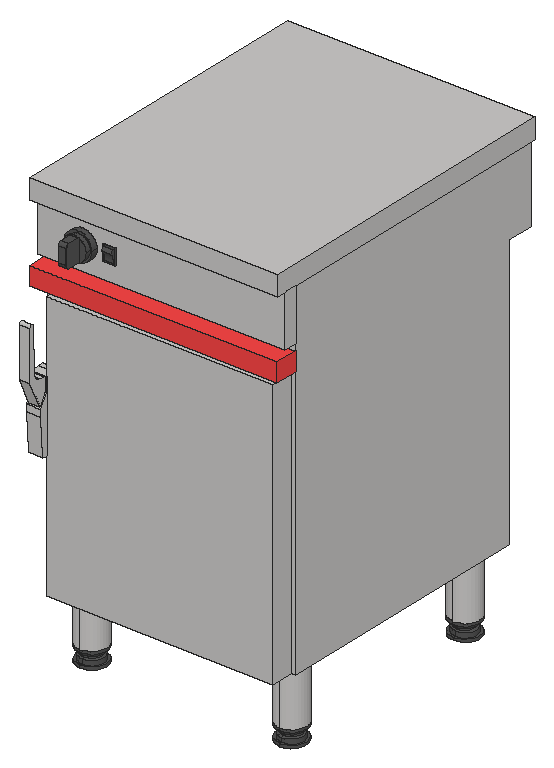
Revit family "ADB Etuve CES 505 2", category Equipement spécialisé, Revit 2022
Family settings
  Cote de connecteur circulaire = Utiliser le diamètre
  Type d'élément = Normal
  Basée sur le plan de construction = Non
  Toujours verticalement = Oui
  Couper avec des vides une fois chargée = Non
  Conserver l'orientation des annotations = Non
  Partagée = Non
  Repère de localisation dans la pièce = Non
Parameters (values of type "CES 505")
  URL catalogue = ""
  URL = "https://www.ambassade-de-bourgogne.com/fr/produits/fours/Resources/CFE-505-CT_CES-505.pdf"
  Type de Raccord Electrique = "Bornier 40A"  # constant formula
  Type article = ""
  Tension = 230 V  # constant formula
  Spécification du Fabricant = ""
  Remarques Electricité = "230V(MONO) commutable 400V(TRI)"  # constant formula
  Puissance électrique = 950 W
  Profondeur [instance] = 686 mm
  Porte inversée [instance] = no
  Poids net à vide = 54.00 kg
  Phase = 1  # constant formula
  Nombres de Pôles = Phase  # 1
  Modèle = "CES 505"
  Longueur [instance] = 500 mm
  Intensité nominale = 4.13 A
  Hauteur [instance] = 910 mm
  G [instance] = 250 mm
  Fréquence = 50 Hz  # constant formula
  Fabricant = "Société Industrielle  de Lacanche"  # constant formula
  Encombrements [instance] = yes
  Encombrement Porte inversée [instance] = and(Encombrements, Porte inversée)  # no
  Encombrement Porte standard [instance] = and(Encombrements, not(Porte inversée))  # yes
  Décalage poignée [instance] = if(Porte inversée, Longueur - 3.5 mm, 33.5 mm)  # 33.5 mm
  Description = "Etuve pour four CFE 505 CT"
  Connecteurs [instance] = yes
  Décalage porte [instance] = if(Porte inversée, 8.5 mm, 33.5 mm)  # 33.5 mm
  Elévation par défaut = 0 mm
  Commentaires du type = "Gamme Ambassade - Fours à convection forcée"
  F [instance] = 750 mm
Reference planes
  plane 1 "Centre (avant/arrière)": y = 0
  plane 2: z = 0
  plane 3 "Centre (gauche/droite)": x = 0
  plane 4 "Gauche": x = -250
  plane 5 "Arrière": y = 325
  plane 6 "Droite": x = 250
  plane 7 "Avant": y = -325
  plane 8 "dessous meuble": z = 155
  plane 9 "Dessus de plan": z = 900
  plane 10 "dessous plan": z = 860
  plane 11 "Face": y = -280
  plane 12 "porte gauche": x = -216.5
  plane 13 "Poignée": x = -216.5
  plane 14 "G": x = 0
  plane 15 "F": z = 750
  plane 16: y = 260
  plane 17: y = -361
  plane 18: y = -746.5
  plane 19: z = 910
Forms (mm)
  Extrusion 1, solid, material "ADB_Stainless Steel-Polished", detail levels medium+fine
    sketch origin (-216.5, 0, 0) x (0, 0, 1) y (0, -1, 0)
      loop
        line (155, 325) -> (155, 280) -> (697, 280) -> (697, 325) -> (155, 325)
    from 0 to 458
  Extrusion 2, solid, material "ADB_Metal Sheet-Red", detail levels medium+fine
    sketch origin (-250, 0, 0) x (0, 1, 0) y (0, 0, 1)
      loop
        line (-280, 742.5) -> (-327, 742.5) -> (-327, 705) -> (-280, 705) -> (-280, 742.5)
    from 0 to 500
  Extrusion 3, solid, material "ADB_Stainless Steel-Polished", detail levels medium+fine
    sketch origin (-250, 0, 0) x (0, 1, 0) y (0, 0, 1)
      loop
        line (325, 900) -> (-325, 900) -> (-325, 860) -> (325, 860) -> (325, 900)
    from 0 to 500
  Extrusion 4, solid, material "ADB_Stainless Steel-Polished", detail levels medium+fine
    sketch origin (-250, 0, 0) x (0, 1, 0) y (0, 0, 1)
      loop
        line (-280, 860) -> (-306, 860) -> (-306, 755) -> (-280, 755) -> (-280, 860)
    from 0 to 500
  Extrusion 5, solid, material "ADB_Stainless Steel-Polished", detail levels medium+fine
    sketch origin (-250, 0, 0) x (0, 1, 0) y (0, 0, 1)
      loop
        line (314, 860) -> (-280, 860) -> (-280, 155) -> (260, 155) -> (260, 707) -> (314, 707) -> (314, 860)
    from 0 to 500
  Revolve 6, solid, material "ADB_Stainless Steel-Polished", detail levels medium+fine
    sketch origin (201.965, 0, 0) x (0, 1, 0) y (0, 0, -1)
      loop
        line (-258.968, -155) -> (-229, -155) -> (-229, 0) -> (-258.492, 0) -> (-258.492, -5) -> (-253.001, -5) -> (-253.001, -13.586) -> (-248.857, -16.488) -> (-248.857, -22) -> (-252.82, -22) -> (-258.968, -28.148) -> (-258.968, -34) -> (-258.968, -155)
      axis (-229, 0) -> (-229, -155)
    angle from 0 to 360
  Revolve 7, solid, material "ADB_Stainless Steel-Polished", detail levels medium+fine
    sketch origin (-201.965, 0, 0) x (0, 1, 0) y (0, 0, 1)
      loop
        line (-258.968, 155) -> (-258.968, 34) -> (-258.968, 28.148) -> (-252.82, 22) -> (-248.857, 22) -> (-248.857, 16.488) -> (-253.001, 13.586) -> (-253.001, 5) -> (-258.492, 5) -> (-258.492, 0) -> (-229, 0) -> (-229, 155) -> (-258.968, 155)
      axis (-229, 0) -> (-229, 155)
    angle from 0 to 360
  Revolve 8, solid, material "ADB_Stainless Steel-Polished", detail levels medium+fine
    sketch origin (-201.965, -20, 0) x (0, -1, 0) y (0, 0, -1)
      loop
        line (-258.968, -155) -> (-229, -155) -> (-229, 0) -> (-258.492, 0) -> (-258.492, -5) -> (-253.001, -5) -> (-253.001, -13.586) -> (-248.857, -16.488) -> (-248.857, -22) -> (-252.82, -22) -> (-258.968, -28.148) -> (-258.968, -34) -> (-258.968, -155)
      axis (-229, 0) -> (-229, -155)
    angle from 0 to 360
  Revolve 9, solid, material "ADB_Stainless Steel-Polished", detail levels medium+fine
    sketch origin (201.965, -20, 0) x (0, -1, 0) y (0, 0, 1)
      loop
        line (-258.968, 155) -> (-258.968, 34) -> (-258.968, 28.148) -> (-252.82, 22) -> (-248.857, 22) -> (-248.857, 16.488) -> (-253.001, 13.586) -> (-253.001, 5) -> (-258.492, 5) -> (-258.492, 0) -> (-229, 0) -> (-229, 155) -> (-258.968, 155)
      axis (-229, 0) -> (-229, 155)
    angle from 0 to 360
  Extrusion 10, solid, material "ADB_Stainless Steel-Polished", detail levels medium+fine
    sketch origin (-216.5, 1349.584, 971.271) x (0, 1, 0) y (0, 0, -1)
      loop
        line (-1688.584, 487.771) -> (-1688.584, 472.771) -> (-1675.084, 448.962) -> (-1675.084, 418.962) -> (-1657.571, 417.794) -> (-1647.585, 417.271) -> (-1647.585, 567.771) -> (-1657.571, 567.248) -> (-1683.585, 562.771) -> (-1688.584, 487.771)
    from 0 to 30
  Extrusion 11, solid, material "ADB_Stainless Steel-Polished", detail levels medium+fine
    sketch origin (-216.5, 1349.584, 971.271) x (0, 1, 0) y (0, 0, -1)
      loop
        arc (-1701.409, 404.802) -> (-1697.026, 415.381) -> (-1686.447, 419.764) r 14.962
        line (-1686.447, 419.764) -> (-1675.084, 420.758) -> (-1675.084, 449.517) -> (-1687.113, 470.732) -> (-1710.584, 418.854) -> (-1710.584, 318.854)
        arc (-1710.584, 318.854) -> (-1708.755, 314.949) -> (-1704.584, 313.854) r 5.083
        line (-1704.584, 313.854) -> (-1701.409, 404.802)
    from 4.5 to 25.5
  Extrusion 12, solid, material "ADB_Plastic-Black", detail levels fine
    sketch origin (250, 0, 0) x (0, 1, 0) y (0, 0, -1)
      loop
        arc (-315.045, -811.027) -> (-312.069, -814.661) -> (-308, -817.006) r 13.063
        line (-308, -817.006) -> (-306, -817.006) -> (-306, -792) -> (-308, -792)
        arc (-308, -792) -> (-309.845, -802.135) -> (-315.045, -811.027) r 29.662
    from 345 to 364
  Extrusion 13, solid, material "ADB_Plastic-Black", detail levels fine
    sketch origin (-250, -327, 742.5) x (0, 0, -1) y (1, 0, 0)
      loop
        line (-46, 133) -> (-46, 158) -> (-78, 158) -> (-78, 133) -> (-46, 133)
      loop
        line (-74.5, 136) -> (-49.5, 136) -> (-49.5, 155) -> (-74.5, 155) -> (-74.5, 136)
    from -21 to -19
  Extrusion 14, solid, material "ADB_Network_Electricity_Yellow", visible <- "Connecteurs", detail levels medium+fine
    sketch origin (-1413.416, 260, 1200) x (-1, 0, 0) y (0, 0, 1)
      loop
        circle (-1413.416, -450) r 10
    from 0 to 10
  Extrusion 15, solid, detail levels coarse
    sketch origin (0, 0, 155) x (-1, 0, 0) y (0, -1, 0)
      loop
        line (250, -325) -> (250, 361) -> (-250, 361) -> (-250, -325) -> (250, -325)
    from -155 to 755
Lines and regions (mm)
  symbolic lines, style "SpecialityEquipmentHiddenLines"
    curve 1: line (250, -633.5, 155) -> (250, -280, 155)
  symbolic lines, style "SpecialityEquipmentHiddenLines", visible <- "Encombrement Porte standard"
    curve 2: line (250, -280, 155) -> (250, -746.5, 155)
    curve 4: arc (250, -746.5, 155) -> (-79.865, -609.865, 155) -> (-216.5, -280, 155) r 466.5
  symbolic lines, style "SpecialityEquipmentHiddenLines", visible <- "Encombrement Porte inversée"
    curve 3: line (-250, -280, 155) -> (-250, -746.5, 155)
    curve 5: arc (-250, -746.5, 155) -> (79.865, -609.865, 155) -> (216.5, -280, 155) r 466.5
Dimensions and locks
  equal spacing: plane 7 "Avant", plane 1 "Centre (avant/arrière)", plane 5 "Arrière"
  equal spacing: plane 4 "Gauche", plane 3 "Centre (gauche/droite)", plane 6 "Droite"
  locked: plane 8 "dessous meuble" to plane 2 at 155
  locked: plane 9 "Dessus de plan" to plane 10 "dessous plan" at 40
  locked: plane 7 "Avant" to plane 11 "Face" at 45
  "Décalage porte": plane 12 "porte gauche" to plane 4 "Gauche"
  locked: Revolve 6 to plane 6 "Droite" at 18.067
  locked: Revolve 6 to plane 11 "Face" at 21.032
  locked: Revolve 7 to plane 11 "Face" at 21.032
  locked: plane 4 "Gauche" to Revolve 7 at 18.067
  locked: plane 4 "Gauche" to Revolve 8 at 18.067
  locked: plane 5 "Arrière" to Revolve 8 at 86.032
  locked: Revolve 9 to plane 6 "Droite" at 18.067
  "Décalage poignée": plane 13 "Poignée" to plane 4 "Gauche"
  "Longueur": plane 4 "Gauche" to plane 6 "Droite"
  plane 5 "Arrière" to plane 7 "Avant" = 650 mm
  "G": plane 14 "G" to plane 6 "Droite"
  "F": plane 15 "F" to plane 2
  plane 11 "Face" to plane 18 = 466.5 mm
  "Hauteur": plane 19 to level
  plane 19 to plane 9 "Dessus de plan" = 10 mm
  "Profondeur": plane 5 "Arrière" to plane 17
  aligned and locked: level to plane 2
  aligned and locked: Extrusion 12 to Extrusion 4
  aligned and locked: plane 14 "G" to Extrusion 14 sketch curve
  aligned and locked: plane 15 "F" to Extrusion 14 sketch curve
  aligned and locked: plane 4 "Gauche" to Extrusion 15 sketch curve
  aligned and locked: Extrusion 15 sketch curve to plane 5 "Arrière"
  aligned and locked: plane 6 "Droite" to Extrusion 15 sketch curve
  aligned and locked: Extrusion 15 to Extrusion 11
  aligned and locked: Extrusion 15 to level
  aligned and locked: plane 19 to Extrusion 15
Automatic sketch dimensions
  Extrusion 1 sketch curve to plane 8 "dessous meuble" = 0 mm
  Extrusion 1 sketch curve to plane 7 "Avant" = 0 mm
  Extrusion 1 sketch curve to plane 11 "Face" = 0 mm
  Extrusion 1 sketch curve to plane 15 "F" = 53 mm
  Extrusion 2 sketch curve to plane 11 "Face" = 0 mm
  Extrusion 2 sketch curve to plane 7 "Avant" = 2 mm
  Extrusion 2 sketch curve to plane 15 "F" = 45 mm
  Extrusion 2 sketch curve to plane 15 "F" = 7.5 mm
  Extrusion 3 sketch curve to plane 7 "Avant" = 0 mm
  Extrusion 3 sketch curve to plane 5 "Arrière" = 0 mm
  Extrusion 3 sketch curve to plane 10 "dessous plan" = 0 mm
  Extrusion 3 sketch curve to plane 9 "Dessus de plan" = 0 mm
  Extrusion 4 sketch curve to plane 10 "dessous plan" = 0 mm
  Extrusion 4 sketch curve to plane 11 "Face" = 0 mm
  plane 15 "F" to Extrusion 4 sketch curve = 5 mm
  plane 7 "Avant" to Extrusion 4 sketch curve = 19 mm
  Extrusion 5 sketch curve to plane 10 "dessous plan" = 0 mm
  Extrusion 5 sketch curve to plane 11 "Face" = 0 mm
  Extrusion 5 sketch curve to plane 8 "dessous meuble" = 0 mm
  Extrusion 5 sketch curve to plane 16 = 0 mm
  Extrusion 5 sketch curve to plane 5 "Arrière" = 11 mm
  Extrusion 5 sketch curve to plane 15 "F" = 43 mm
  Revolve 6 sketch curve to plane 8 "dessous meuble" = 0 mm
  Revolve 6 sketch curve to level = 0 mm
  plane 11 "Face" to Revolve 6 sketch curve = 21.032 mm
  plane 11 "Face" to Revolve 6 sketch curve = 21.508 mm
  Revolve 6 sketch curve to Revolve 6 sketch curve = 5.491 mm
  Revolve 6 sketch curve to Revolve 6 sketch curve = 0.181 mm
  Revolve 6 sketch curve to Revolve 6 sketch curve = 3.964 mm
  Revolve 6 sketch curve to Revolve 6 sketch curve = 24.001 mm
  level to Revolve 6 sketch curve = 34 mm
  Revolve 6 sketch curve to Revolve 6 sketch curve = 5.852 mm
  Revolve 6 sketch curve to Revolve 6 sketch curve = 6.148 mm
  Revolve 6 sketch curve to Revolve 6 sketch curve = 5.512 mm
  Revolve 6 sketch curve to Revolve 6 sketch curve = 2.902 mm
  level to Revolve 6 sketch curve = 5 mm
  Revolve 6 sketch curve to Revolve 6 sketch curve = 0 mm
  Revolve 6 sketch curve to Revolve 6 sketch curve = 19 mm
  Revolve 6 sketch curve to Revolve 6 sketch curve = 12 mm
  Revolve 7 sketch curve to plane 8 "dessous meuble" = 0 mm
  Revolve 7 sketch curve to level = 0 mm
  plane 11 "Face" to Revolve 7 sketch curve = 21.032 mm
  plane 11 "Face" to Revolve 7 sketch curve = 21.508 mm
  Revolve 7 sketch curve to Revolve 7 sketch curve = 5.491 mm
  Revolve 7 sketch curve to Revolve 7 sketch curve = 0.181 mm
  Revolve 7 sketch curve to Revolve 7 sketch curve = 3.964 mm
  Revolve 7 sketch curve to Revolve 7 sketch curve = 24.001 mm
  level to Revolve 7 sketch curve = 5 mm
  Revolve 7 sketch curve to Revolve 7 sketch curve = 8.586 mm
  Revolve 7 sketch curve to Revolve 7 sketch curve = 2.902 mm
  Revolve 7 sketch curve to Revolve 7 sketch curve = 5.512 mm
  Revolve 7 sketch curve to Revolve 7 sketch curve = 6.148 mm
  Revolve 7 sketch curve to Revolve 7 sketch curve = 5.852 mm
  Revolve 7 sketch curve to Revolve 7 sketch curve = 0 mm
  Revolve 7 sketch curve to Revolve 7 sketch curve = 12 mm
  plane 8 "dessous meuble" to Revolve 7 sketch curve = 19 mm
  Revolve 8 sketch curve to plane 8 "dessous meuble" = 0 mm
  Revolve 8 sketch curve to level = 0 mm
  Revolve 8 sketch curve to plane 16 = 21.032 mm
  Revolve 8 sketch curve to plane 16 = 21.508 mm
  Revolve 8 sketch curve to Revolve 8 sketch curve = 5.491 mm
  Revolve 8 sketch curve to Revolve 8 sketch curve = 0.181 mm
  Revolve 8 sketch curve to Revolve 8 sketch curve = 3.964 mm
  Revolve 8 sketch curve to Revolve 8 sketch curve = 24.001 mm
  level to Revolve 8 sketch curve = 34 mm
  Revolve 8 sketch curve to Revolve 8 sketch curve = 5.852 mm
  Revolve 8 sketch curve to Revolve 8 sketch curve = 6.148 mm
  Revolve 8 sketch curve to Revolve 8 sketch curve = 5.512 mm
  Revolve 8 sketch curve to Revolve 8 sketch curve = 2.902 mm
  level to Revolve 8 sketch curve = 5 mm
  Revolve 8 sketch curve to Revolve 8 sketch curve = 0 mm
  plane 8 "dessous meuble" to Revolve 8 sketch curve = 19 mm
  Revolve 8 sketch curve to Revolve 8 sketch curve = 12 mm
  curve 1 to plane 6 "Droite" = 0 mm
  curve 5 to plane 11 "Face" = 0 mm
  curve 5 to plane 4 "Gauche" = 0 mm
  curve 3 to plane 11 "Face" = 0 mm
  curve 1 to plane 11 "Face" = 0 mm
  curve 3 to plane 18 = 0 mm
  Revolve 9 sketch curve to plane 8 "dessous meuble" = 0 mm
  Revolve 9 sketch curve to level = 0 mm
  Revolve 9 sketch curve to plane 16 = 21.032 mm
  Revolve 9 sketch curve to plane 16 = 21.508 mm
  Revolve 9 sketch curve to Revolve 9 sketch curve = 5.491 mm
  Revolve 9 sketch curve to Revolve 9 sketch curve = 0.181 mm
  Revolve 9 sketch curve to Revolve 9 sketch curve = 3.964 mm
  Revolve 9 sketch curve to Revolve 9 sketch curve = 24.001 mm
  level to Revolve 9 sketch curve = 5 mm
  Revolve 9 sketch curve to Revolve 9 sketch curve = 8.586 mm
  Revolve 9 sketch curve to Revolve 9 sketch curve = 2.902 mm
  Revolve 9 sketch curve to Revolve 9 sketch curve = 5.512 mm
  Revolve 9 sketch curve to Revolve 9 sketch curve = 6.148 mm
  Revolve 9 sketch curve to Revolve 9 sketch curve = 5.852 mm
  Revolve 9 sketch curve to Revolve 9 sketch curve = 0 mm
  Revolve 9 sketch curve to Revolve 9 sketch curve = 12 mm
  plane 8 "dessous meuble" to Revolve 9 sketch curve = 19 mm
  Extrusion 10 sketch curve to plane 7 "Avant" = 14 mm
  Extrusion 10 sketch curve to plane 7 "Avant" = 9 mm
  Extrusion 10 sketch curve to plane 7 "Avant" = 0.5 mm
  plane 7 "Avant" to Extrusion 10 sketch curve = 17.014 mm  (x2)
  Extrusion 10 sketch curve to Extrusion 10 sketch curve = 9.986 mm
  Extrusion 10 sketch curve to plane 15 "F" = 196 mm
  Extrusion 10 sketch curve to Extrusion 10 sketch curve = 0.523 mm  (x2)
  Extrusion 10 sketch curve to Extrusion 10 sketch curve = 1.168 mm
  Extrusion 10 sketch curve to Extrusion 10 sketch curve = 30 mm
  Extrusion 10 sketch curve to Extrusion 10 sketch curve = 23.809 mm
  Extrusion 10 sketch curve to Extrusion 10 sketch curve = 15 mm
  Extrusion 10 sketch curve to Extrusion 10 sketch curve = 75 mm
  Extrusion 10 sketch curve to Extrusion 10 sketch curve = 4.477 mm
  Extrusion 11 sketch curve to plane 17 = 0 mm
  Extrusion 11 sketch curve to Extrusion 11 sketch curve = 5.083 mm
  Extrusion 11 sketch curve to Extrusion 11 sketch curve = 0.917 mm
  plane 17 to Extrusion 11 sketch curve = 9.176 mm
  Extrusion 11 sketch curve to plane 7 "Avant" = 12.529 mm
  Extrusion 11 sketch curve to plane 7 "Avant" = 11.862 mm
  Extrusion 11 sketch curve to plane 7 "Avant" = 0.5 mm
  Extrusion 11 sketch curve to plane 15 "F" = 92.583 mm
  Extrusion 11 sketch curve to Extrusion 11 sketch curve = 85.947 mm
  Extrusion 11 sketch curve to Extrusion 11 sketch curve = 14.053 mm
  Extrusion 11 sketch curve to Extrusion 11 sketch curve = 0.994 mm
  Extrusion 11 sketch curve to Extrusion 11 sketch curve = 28.76 mm
  Extrusion 11 sketch curve to Extrusion 11 sketch curve = 21.215 mm
  Extrusion 12 sketch curve to plane 7 "Avant" = 12.662 mm
  plane 7 "Avant" to Extrusion 12 sketch curve = 17 mm  (x2)
  Extrusion 12 sketch curve to Extrusion 12 sketch curve = 2 mm
  Extrusion 12 sketch curve to Extrusion 12 sketch curve = 2.383 mm
  Extrusion 12 sketch curve to plane 10 "dessous plan" = 42.994 mm
  Extrusion 12 sketch curve to Extrusion 12 sketch curve = 12.306 mm
  Extrusion 12 sketch curve to Extrusion 12 sketch curve = 12.7 mm
  Extrusion 12 sketch curve to Extrusion 12 sketch curve = 0.165 mm
  Extrusion 2 to Extrusion 13 sketch curve = 78 mm
  Extrusion 13 sketch curve to Extrusion 13 sketch curve = 3.5 mm  (x2)
  Extrusion 13 sketch curve to Extrusion 13 sketch curve = 25 mm
  Extrusion 2 to Extrusion 13 sketch curve = 133 mm
  Extrusion 13 sketch curve to Extrusion 13 sketch curve = 3 mm  (x2)
  Extrusion 13 sketch curve to Extrusion 13 sketch curve = 19 mm
  Extrusion 15 sketch curve to plane 17 = 0 mm
  curve 1 to curve 2 = 113 mm
  curve 4 to plane 11 "Face" = 0 mm
  curve 4 to plane 12 "porte gauche" = 0 mm
  radius of Extrusion 14 sketch curve = 10 mm
Nested families
  nested 1: "Bouton" at (-159, -306, 804.5) x (1, 0, 0) z (0, -1, 0), type "Bouton", detail levels fine
Connectors
  electrical at (0, 270, 750), driven by "Tension", driven by "Puissance électrique"
    settings: on Extrusion 14, index 1, voltage 230 V, apparent load 0 VA, apparent load phase1 950 VA, apparent load phase2 0 VA, apparent load phase3 0 VA, power factor 1, load classification "Autre", number of poles 1, system type 30, power factor state 1, is connector primary yes, connector utility no, sub classification motor no, connector description ""
Definition of nested family "Bouton"
  Parameters (values of type "Bouton")
    Matériau base bouton = none
    Default Elevation = 1219.2 mm
  Reference planes
    plane 1 "Centre (avant/arrière)": y = 0
    plane 2: z = 0
    plane 3 "Centre (gauche/droite)": x = 0
  Forms (mm)
    Extrusion 1, solid
      sketch origin (0, 0, 0) x (1, 0, 0) y (0, 1, 0)
        loop
          line (-1219.2, 1219.2) -> (-1219.2, -1219.2) -> (1219.2, -1219.2) -> (1219.2, 1219.2) -> (-1219.2, 1219.2)
      from 0 to -304.8
    Extrusion 2, solid, material <- "Matériau base bouton", detail levels fine
      sketch origin (0, 0, 0) x (1, 0, 0) y (0, 1, 0)
        loop
          circle (0, 0) r 28.5
      from 0 to 11.5
    Extrusion 3, solid, detail levels fine
      sketch origin (0, 0, 0) x (1, 0, 0) y (0, 1, 0)
        loop
          circle (0, 0) r 24.1
      from 11.5 to 20.5
    Extrusion 4, solid, detail levels fine
      sketch origin (0, 0, 0) x (1, 0, 0) y (0, 0, 1)
        loop
          line (-8.082, 20.5) -> (8.082, 20.5) -> (7.58, 49.253)
          arc (7.58, 49.253) -> (6.684, 51.34) -> (4.581, 52.2) r 3
          line (4.581, 52.2) -> (-4.581, 52.2)
          arc (-4.581, 52.2) -> (-6.684, 51.34) -> (-7.58, 49.253) r 3
          line (-7.58, 49.253) -> (-8.082, 20.5)
      from -22.082 to 22.162
    Extrusion 5, void
      sketch origin (0, 0, 0) x (0, 1, 0) y (0, 0, 1)
        loop
          line (-15.762, 50.701) -> (15.682, 50.701)
          arc (15.682, 50.701) -> (20.208, 48.826) -> (22.082, 44.301) r 6.4
          line (22.082, 44.301) -> (22.082, 41.701) -> (24.232, 41.701) -> (24.232, 54.688) -> (-24.768, 54.688) -> (-24.768, 41.701) -> (-22.162, 41.701) -> (-22.162, 44.301)
          arc (-22.162, 44.301) -> (-20.287, 48.826) -> (-15.762, 50.701) r 6.4
      from -15.908 to 13.709
  Cuts and joins
    Extrusion 5 cuts Extrusion 4
  Lines and regions (mm)
    symbolic lines, detail levels fine
      curve 1: line (0, -28.5, 0) -> (0, 28.5, 0)
  Dimensions and locks
    aligned and locked: plane 2 to Extrusion 1
    aligned and locked: level to Extrusion 1
